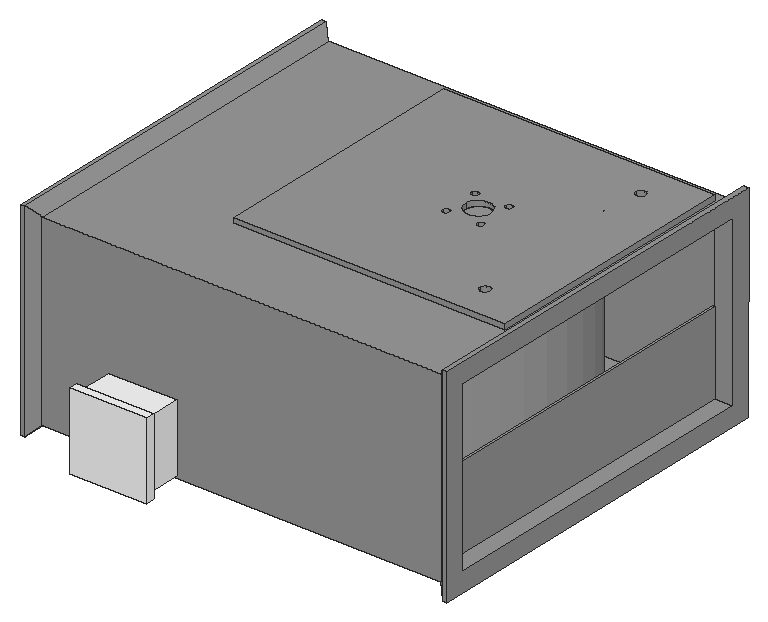
Revit family "RKB 400x200 A1 AC_7470005", category Mechanical Equipment, Revit 2014
Parameters (values of type "RKB 400X200 A1 AC")
  Wiring diagram = "4040001"
  Width = 502 mm
  Weight = 9.80 kg
  Voltage range = "220-240 V"
  Voltage = 230 V
  Speed = "2530 rpm"
  Sound pressure level at 3 m = "53 dB(A)"
  Power = 115 W
  Phase = 1
  Max. temperature of transported air when speed controlled = 70 °C
  Max. temperature of transported air = 70 °C
  Main Material = Steel, Galvanized
  Height = 243 mm
  Frequency = 50 Hz
  Elevation [instance] = 2600 mm
  Description = "UNINSULATED DUCT FANS WITH RECTANGULAR CONNECTIONS"
  Depth = 443 mm
  Current = 0.5 A
  Connector Height = 200 mm
  Connector Width = 400 mm
  Capacitor = "3 μF"
Types (4, lengths in mm): name | Weight | Speed | Sound pressure level at 3 m | Power | Max. temperature of transported air when speed controlled | Max. temperature of transported air | Current | Capacitor
  (no name) | 9.80 kg | "2530 rpm" | "53 dB(A)" | 115 W | 70 °C | 70 °C | 0.5 A | "3 μF"
  RKB 400X200 A1 AC | 9.80 kg | "2530 rpm" | "53 dB(A)" | 115 W | 70 °C | 70 °C | 0.5 A | "3 μF"
  RBK 400X200 B1 ErP AC | 10.50 kg | "2690 rpm" | "58 dB(A)" | 169 W | 70 °C | 70 °C | 0.86 A | "5 μF"
  RBK 400X200 E1 ErP AC | 11.10 kg | "2760 rpm" | "59 dB(A)" | 229 W | 60 °C | 60 °C | 1.24 A | "6 μF"
Reference planes
  plane 1 "Center (Front/Back)": y = 0
  plane 2: z = 0
  plane 3 "Center (Left/Right)": x = 0
  plane 4: x = -251
  plane 5: x = 251
  plane 6: y = 221.5
  plane 7: y = -221.5
  plane 8: z = 2600
  plane 9: z = 2843
Dimensions and locks
  equal spacing: plane 4, plane 3 "Center (Left/Right)", plane 5
  "Width": plane 4 to plane 5
  equal spacing: plane 6, plane 1 "Center (Front/Back)", plane 7
  "Depth": plane 6 to plane 7
  "Elevation": plane 8 to level
  "Height": plane 9 to plane 8
  aligned and locked: level to plane 2
  aligned and locked: nested 1 to plane 1 "Center (Front/Back)"
  aligned and locked: plane 1 "Center (Front/Back)" to nested 2
  aligned and locked: plane 3 "Center (Left/Right)" to nested 2
  aligned and locked: nested 2 to plane 8
  aligned and locked: plane 3 "Center (Left/Right)" to nested 1
Nested families
  nested 1: "Flow direction symbol" at (0, 0, 0), type "Flow direction symbol"
  nested 2: "RKB" at (0, 0, 2600), type "RKB"
Connectors
  hvac at (-251, 0, 2721.5), driven by "Connector Height", driven by "Connector Width"
    settings: on nested 2, index 1, duct flow 0.0 L/s, flow factor 0, pres drop 0.0 Pa, loss coef 0, conn angle 0.00°, conn width 400 mm, conn height 200 mm, conn diameter 609.6 mm, duct sys type 1, conn prof type 1, flow config 0, flow direction 1, loss method 0, conn ref index -1, conn util no, is conn primary yes, conn desc ""
  hvac at (251, 0, 2721.5), driven by "Connector Height", driven by "Connector Width"
    settings: on nested 2, index 2, duct flow 0.0 L/s, flow factor 0, pres drop 0.0 Pa, loss coef 0, conn angle 0.00°, conn width 400 mm, conn height 200 mm, conn diameter 609.6 mm, duct sys type 3, conn prof type 1, flow config 0, flow direction 2, loss method 0, conn ref index -1, conn util no, is conn primary no, conn desc ""
  electrical at (-107.218, -271.5, 2661.5), driven by "Phase", driven by "Voltage", driven by "Power"
    settings: on nested 2, index 3, voltage 230 V, apparent load 0 VA, apparent load phase1 115 VA, apparent load phase2 0 VA, apparent load phase3 0 VA, power factor 1, load classification "HVAC", number of poles 1, system type 31, power factor state 1, is connector primary yes, connector utility no, sub classification motor no, connector description ""
Definition of nested family "RKB"
  Parameters (values of type "RKB")
    Width = 502 mm
    Main Material = Steel, Galvanized
    Height = 243 mm
    Description = ""
    Depth = 443 mm
    Connector Width = 400 mm
    Connector Heigth = 200 mm
  Reference planes
    plane 1 "Center (Front/Back)": y = 0
    plane 2: z = 0
    plane 3 "Center (Left/Right)": x = 0
    plane 4: x = -251
    plane 5: x = 251
    plane 6: y = 221.5
    plane 7: y = -221.5
    plane 8: z = 243
    plane 9: z = 119
    plane 10: x = -107.218
    plane 11: z = 121.5
    plane 12: z = 221.5
    plane 13: z = 21.5
    plane 14: y = 200
    plane 15: y = -200
    plane 16: z = 61.5
    plane 17: y = 44.011
    plane 18: x = 76
  Forms (mm)
    Sweep 1, solid, material "Steel, Galvanized" <- "Main Material", detail levels medium+fine
      path origin (-251, 864.407, 1200) x (0, 1, 0) y (0, 0, 1)
        loop
          line (-642.907, -1200) -> (-642.907, -957) -> (-1085.907, -957) -> (-1085.907, -1200) -> (-642.907, -1200)
      profile origin (-251, 221.5, 121.5) x (0, -1, 0) y (1, 0, 0)
        loop
          line (22.203, 21.231) -> (16.231, 21.231) -> (0, 5) -> (0, 0) -> (22.203, 0) -> (22.203, 21.231)
    Sweep 2, solid, material "Steel, Galvanized" <- "Main Material", detail levels medium+fine
      path origin (251, 864.407, 1200) x (0, 1, 0) y (0, 0, 1)
        loop
          line (-642.907, -1200) -> (-642.907, -957) -> (-1085.907, -957) -> (-1085.907, -1200) -> (-642.907, -1200)
      profile origin (251, 221.5, 121.5) x (0, -1, 0) y (1, 0, 0)
        loop
          line (22.203, -21.231) -> (22.203, 0) -> (0, 0) -> (0, -5) -> (16.231, -21.231) -> (22.203, -21.231)
    Sweep 3, solid, material "Steel, Galvanized" <- "Main Material", detail levels medium+fine
      path origin (0, 0, 0) x (1, 0, 0) y (0, 1, 0)
        loop
          line (-251, 0) -> (251, 0)
      profile origin (0, 0, 0) x (0, 1, 0) y (0, 0, 1)
        loop
          line (200, 221.5) -> (-200, 221.5) -> (-200, 21.5) -> (200, 21.5) -> (200, 221.5)
        loop
          line (-211, 231.269) -> (-211, 11.731) -> (211, 11.731) -> (211, 231.269) -> (-211, 231.269)
    Revolve 4, solid, material "Steel, Galvanized" <- "Main Material", detail levels medium+fine
      sketch origin (76, 28.69, 1200) x (0, -1, 0) y (0, 0, 1)
        loop
          line (-15.321, -1182.297) -> (-15.321, -968.731) -> (-130.321, -968.731) -> (-130.321, -1182.297) -> (-15.321, -1182.297)
        axis (-15.321, -968.731) -> (-15.321, -1182.297)
      angle from 0 to 360
    Sweep 5, void
      path origin (38.109, 35, 1200) x (-1, 0, 0) y (0, 0, 1)
        loop
          line (-1.25, -979.203) -> (-1.25, -929.203)
      profile origin (39.359, 35, 245.797) x (1, 0, 0) y (0, 1, 0)
        loop
          circle (36.166, 9.011) r 15
        loop
          circle (56.751, 28.288) r 4
        loop
          circle (16.754, 28.288) r 4
        loop
          circle (56.754, -13.361) r 4
        loop
          circle (16.418, -13.702) r 4
        loop
          circle (135.745, -105.776) r 6
        loop
          circle (135.745, 123.676) r 6
    Sweep 6, solid, material "Steel, Galvanized" <- "Main Material", detail levels coarse
      path origin (0, 0, 0) x (1, 0, 0) y (0, 1, 0)
        loop
          line (-251, 0) -> (251, 0)
      profile origin (0, 0, 0) x (0, 1, 0) y (0, 0, 1)
        loop
          line (221.5, 243) -> (-221.5, 243) -> (-221.5, 0) -> (221.5, 0) -> (221.5, 243)
    Sweep 7, solid, material "Steel, Galvanized" <- "Main Material", detail levels medium+fine
      path origin (0, 0, 0) x (0, 1, 0) y (0, 0, 1)
        loop
          line (199.297, 22.203) -> (199.297, 119)
      profile origin (0, 199.297, 70.601) x (0, -1, 0) y (1, 0, 0)
        loop
          line (0, -229.769) -> (398.595, -229.769) -> (398.595, -226.769) -> (0, -226.769) -> (0, -229.769)
        loop
          line (0, 229.769) -> (0, 226.769) -> (398.595, 226.769) -> (398.595, 229.769) -> (0, 229.769)
    Sweep 8, solid, material "Plastic", detail levels medium+fine
      path origin (0, -16.231, -156.959) x (1, 0, 0) y (0, 1, 0)
        loop
          line (-107.218, -205.269) -> (-107.218, -245.269)
      profile origin (-107.218, -241.5, -156.959) x (1, 0, 0) y (0, 0, 1)
        loop
          line (-40, 178.459) -> (40, 178.459) -> (40, 258.459) -> (-40, 258.459) -> (-40, 178.459)
    Sweep 9, solid, material "Plastic", detail levels medium+fine
      path origin (0, -16.231, 0) x (1, 0, 0) y (0, 1, 0)
        loop
          line (-107.218, -245.269) -> (-107.218, -255.269)
      profile origin (-107.218, -266.5, 0) x (1, 0, 0) y (0, 0, 1)
        loop
          line (-45, 106.5) -> (-45, 16.5) -> (45, 16.5) -> (45, 106.5) -> (-45, 106.5)
    Extrusion 10, solid, material "Steel, Galvanized" <- "Main Material"
      sketch origin (0, 0, 0) x (0, 1, 0) y (0, 0, 1)
        loop
          line (199.297, 231.269) -> (199.297, 237.135) -> (-110, 237.135) -> (-110, 231.269) -> (199.297, 231.269)
      from -89.23 to 229.769
  Cuts and joins
    joined: Sweep 1, Sweep 2, Sweep 3
    Sweep 5 cuts Revolve 4
    Sweep 5 cuts Extrusion 10
  Dimensions and locks
    equal spacing: plane 4, plane 3 "Center (Left/Right)", plane 5
    "Width": plane 4 to plane 5
    equal spacing: plane 6, plane 1 "Center (Front/Back)", plane 7
    "Depth": plane 6 to plane 7
    "Height": plane 8 to level
    Sweep 5 sketch curve to plane 8 to Sweep 5 sketch curve = 27.797 mm locked, 22.203 mm locked
    locked: Sweep 7 sketch curve to plane 2 at 22.203
    Sweep 7 sketch curve to Sweep 7 sketch curve = 96.797 mm
    locked: plane 6 to Sweep 7 sketch curve at 22.203  (x2)
    locked: plane 4 to Sweep 7 sketch curve at 21.231
    locked: Sweep 7 sketch curve to Sweep 7 sketch curve at 3  (x2)
    locked: Sweep 7 sketch curve to plane 7 at 22.203  (x2)
    locked: Sweep 7 sketch curve to plane 6 at 22.203
    locked: Sweep 7 sketch curve to plane 5 at 21.231
    Sweep 8 sketch curve to plane 7 to Sweep 8 sketch curve = 0 mm, 40 mm
    plane 7 to Sweep 9 sketch curve to Sweep 9 sketch curve = 40 mm, 10 mm locked
    equal spacing: plane 8, plane 11, plane 2
    "Connector Heigth": plane 12 to plane 13
    equal spacing: plane 12, plane 11, plane 13
    "Connector Width": plane 14 to plane 15
    equal spacing: plane 14, plane 1 "Center (Front/Back)", plane 15
    cut or joined group of Sweep 1, Sweep 2, Sweep 3 to cut or joined group of Sweep 1, Sweep 2, Sweep 3 = 219.539 mm
    aligned and locked: level to plane 2
    aligned and locked: Sweep 1 sketch curve to plane 6
    aligned and locked: plane 7 to Sweep 1 sketch curve
    aligned and locked: plane 2 to Sweep 1 sketch curve
    aligned and locked: Sweep 1 sketch curve to plane 8
    aligned and locked: Sweep 2 sketch curve to plane 8
    aligned and locked: plane 2 to Sweep 2 sketch curve
    aligned and locked: plane 7 to Sweep 2 sketch curve
    aligned and locked: Sweep 2 sketch curve to plane 6
    aligned and locked: plane 1 "Center (Front/Back)" to Sweep 3 sketch curve
    aligned and locked: plane 1 "Center (Front/Back)" to Sweep 6 sketch curve
    aligned and locked: plane 2 to Sweep 6 sketch curve
    aligned and locked: plane 7 to Sweep 6 sketch curve
    aligned and locked: Sweep 6 sketch curve to plane 6
    aligned and locked: Sweep 6 sketch curve to plane 8
    aligned and locked: plane 10 to Sweep 8 sketch curve
    aligned and locked: plane 10 to Sweep 9 sketch curve
    aligned and locked: plane 13 to Sweep 3 sketch curve
    aligned and locked: plane 15 to Sweep 3 sketch curve
    aligned and locked: Sweep 3 sketch curve to plane 12
    aligned and locked: Sweep 3 sketch curve to plane 14
    aligned and locked: Sweep 8 to plane 13
    aligned and locked: Sweep 9 to Sweep 8
    aligned and locked: Revolve 4 sketch curve to cut or joined group of Sweep 1, Sweep 2, Sweep 3
  Automatic sketch dimensions
    Sweep 1 sketch curve to profile plane = 0 mm
    Sweep 1 sketch curve to plane 4 = 0 mm
    Sweep 1 sketch curve to profile plane = 16.231 mm
    Sweep 1 sketch curve to Sweep 1 sketch curve = 5.972 mm
    plane 4 to Sweep 1 sketch curve = 5 mm
    plane 4 to Sweep 1 sketch curve = 21.231 mm
    Sweep 2 sketch curve to profile plane = 0 mm
    Sweep 2 sketch curve to plane 5 = 0 mm
    Sweep 2 sketch curve to profile plane = 16.231 mm
    Sweep 2 sketch curve to Sweep 2 sketch curve = 5.972 mm
    Sweep 2 sketch curve to Sweep 2 sketch curve = 5 mm
    Sweep 2 sketch curve to Sweep 2 sketch curve = 21.231 mm
    Sweep 3 sketch curve to plane 4 = 0 mm
    Sweep 3 sketch curve to plane 5 = 0 mm
    Sweep 6 sketch curve to plane 4 = 0 mm
    Sweep 6 sketch curve to plane 5 = 0 mm
    profile plane to Sweep 8 sketch curve = 40 mm
    Sweep 8 sketch curve to profile plane = 40 mm
    level to Sweep 8 sketch curve = 21.5 mm
    Sweep 8 sketch curve to Sweep 8 sketch curve = 80 mm
    profile plane to Sweep 9 sketch curve = 45 mm
    Sweep 9 sketch curve to profile plane = 45 mm
    level to Sweep 9 sketch curve = 16.5 mm
    Sweep 9 sketch curve to Sweep 9 sketch curve = 90 mm
    Revolve 4 sketch curve to plane 14 = 40.989 mm
    Revolve 4 sketch curve to plane 13 = 3.797 mm
    Revolve 4 sketch curve to Revolve 4 sketch curve = 0 mm  (x2)
    plane 8 to Revolve 4 sketch curve = 4.703 mm
    Sweep 5 sketch curve to profile plane = 36.166 mm
    Sweep 5 sketch curve to profile plane = 16.754 mm
    Sweep 5 sketch curve to profile plane = 56.751 mm
    Sweep 5 sketch curve to profile plane = 135.745 mm  (x2)
    Sweep 5 sketch curve to Sweep 5 sketch curve = 22.713 mm
    Sweep 5 sketch curve to profile plane = 16.418 mm
    Sweep 5 sketch curve to profile plane = 56.754 mm
    Sweep 5 sketch curve to Sweep 5 sketch curve = 22.373 mm
    Revolve 4 sketch curve to plane 1 "Center (Front/Back)" = 44.011 mm
    Sweep 5 sketch curve to profile plane = 105.776 mm
    Sweep 5 sketch curve to profile plane = 13.702 mm
    profile plane to Sweep 5 sketch curve = 28.288 mm  (x2)
    profile plane to Sweep 5 sketch curve = 123.676 mm
    plane 12 to Extrusion 10 sketch curve = 9.769 mm
    plane 15 to Extrusion 10 sketch curve = 90 mm
    Extrusion 10 sketch curve to plane 14 = 0.703 mm
    Extrusion 10 sketch curve to plane 8 = 5.865 mm
    Sweep 3 sketch curve to Sweep 3 sketch curve = 11 mm  (x2)
    level to Sweep 3 sketch curve = 11.731 mm
    Sweep 3 sketch curve to Sweep 3 sketch curve = 9.769 mm
    plane 3 "Center (Left/Right)" to Sweep 5 sketch curve = 39.359 mm
    radius of Sweep 5 sketch curve = 15 mm
    radius of Sweep 5 sketch curve = 4 mm  (x4)
    radius of Sweep 5 sketch curve = 6 mm  (x2)
Definition of nested family "Flow direction symbol"
  Parameters (values of type "Flow direction symbol")
    Warning = "!"
    Text = "DIMENSIONS OVERCONSTRAINT"
  Reference planes
    plane 1: y = 0
    plane 2: x = 0
  Lines and regions (mm)
    detail lines
      curve 1: line (-0.506, 0.877, 0) -> (-0.506, -0.877, 0)
      curve 2: line (1.012, 0, 0) -> (-0.506, -0.877, 0)
      curve 3: line (-0.506, 0.877, 0) -> (1.012, 0, 0)
      curve 4: circle (0, 0, 0) r 1 normal (0, 0, 1)
